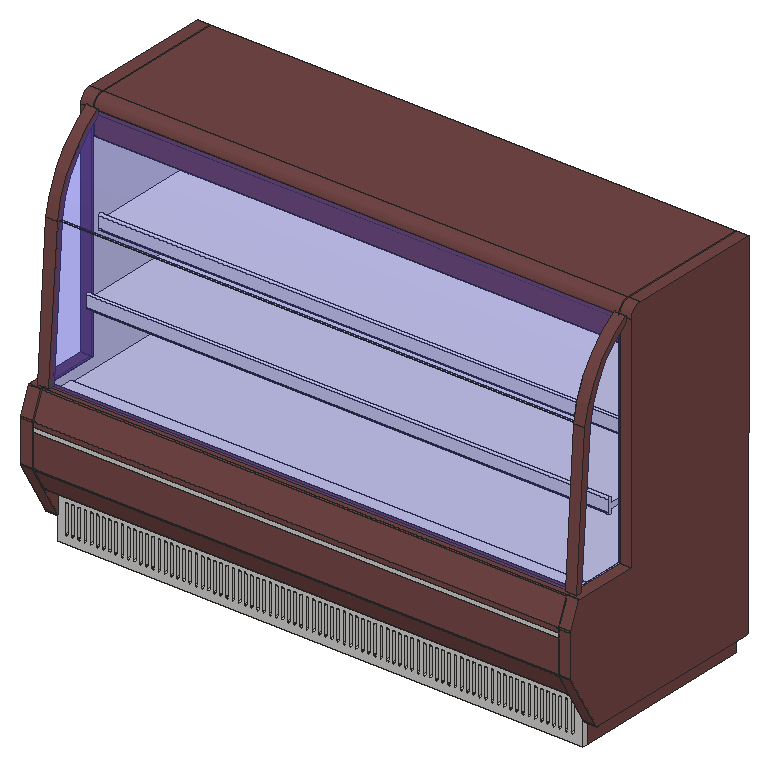
Revit family "QF_Turbo Air_TCDD-72-2-H", category Specialty Equipment, Revit 2014 (continued)
Automatic sketch dimensions
  Extrusion 3 sketch curve to plane 12 "TOP" = 0' - 1 1/2"
  Extrusion 3 sketch curve to Extrusion 3 sketch curve = 0' - 1 1/2"
  plane 16 "Upper Shelf" to Extrusion 3 sketch curve = 0' - 1.32232"
  plane 9 "BACK" to Extrusion 3 sketch curve = 0' - 11.60339"
  plane 16 "Upper Shelf" to Extrusion 3 sketch curve = 0' - 3.13679"
  Extrusion 3 sketch curve to Extrusion 3 sketch curve = 0' - 0.07019"
  Extrusion 3 sketch curve to Extrusion 3 sketch curve = 0' - 0.68933"
  Extrusion 4 sketch curve to Extrusion 4 sketch curve = 0' - 0"  (x2)
  Extrusion 4 sketch curve to plane 10 "Panel Lower" = 0' - 0"
  Extrusion 4 sketch curve to plane 12 "TOP" = 0' - 1 1/2"
  Extrusion 4 sketch curve to Extrusion 4 sketch curve = 0' - 1 1/2"
  plane 16 "Upper Shelf" to Extrusion 4 sketch curve = 0' - 1.32232"
  plane 9 "BACK" to Extrusion 4 sketch curve = 0' - 11.60339"
  plane 16 "Upper Shelf" to Extrusion 4 sketch curve = 0' - 3.13679"
  Extrusion 4 sketch curve to Extrusion 4 sketch curve = 0' - 0.07019"
  Extrusion 4 sketch curve to Extrusion 4 sketch curve = 0' - 0.68933"
  Extrusion 14 sketch curve to Extrusion 14 sketch curve = 0' - 0"  (x2)
  plane 17 "Door Top" to Extrusion 14 sketch curve = 0' - 1.6501"
  Extrusion 14 sketch curve to Extrusion 14 sketch curve = 0' - 1 1/2"
  plane 16 "Upper Shelf" to Extrusion 14 sketch curve = 0' - 1.32232"
  plane 1 "Handle Back" to Extrusion 14 sketch curve = 1' - 0.35339"
  Extrusion 14 sketch curve to Extrusion 14 sketch curve = 0' - 0.0383"
  Extrusion 14 sketch curve to Extrusion 14 sketch curve = 0' - 0.4124"
  plane 10 "Panel Lower" to Extrusion 14 sketch curve = 0' - 0"
  Extrusion 14 sketch curve to Extrusion 14 sketch curve = 0' - 0.376"
  Extrusion 5 sketch curve to plane 10 "Panel Lower" = 0' - 0"
  plane 16 "Upper Shelf" to Extrusion 5 sketch curve = 0' - 1.32232"
  plane 16 "Upper Shelf" to Extrusion 5 sketch curve = 0' - 3.13679"
  plane 17 "Door Top" to Extrusion 5 sketch curve = 0' - 1 1/2"
  Extrusion 6 sketch curve to plane 10 "Panel Lower" = 0' - 0"
  plane 16 "Upper Shelf" to Extrusion 6 sketch curve = 0' - 1.32232"
  plane 16 "Upper Shelf" to Extrusion 6 sketch curve = 0' - 3.13679"
  plane 17 "Door Top" to Extrusion 6 sketch curve = 0' - 1 1/2"
  Extrusion 1 sketch curve to plane 5 "FRONT" = 0' - 0"
  Extrusion 1 sketch curve to plane 10 "Panel Lower" = 0' - 0"
  Extrusion 1 sketch curve to plane 20 "Panel Bottom" = 0' - 0"
  Extrusion 1 sketch curve to plane 12 "TOP" = 0' - 0"
  Extrusion 1 sketch curve to plane 9 "BACK" = 0' - 0"
  Extrusion 1 sketch curve to plane 5 "FRONT" = 0' - 0.03201"
  Extrusion 1 sketch curve to plane 5 "FRONT" = 0' - 0.05024"
  Extrusion 1 sketch curve to Extrusion 1 sketch curve = 0' - 0.32476"
  Extrusion 1 sketch curve to plane 10 "Panel Lower" = 0' - 0.03723"
  Extrusion 1 sketch curve to plane 5 "FRONT" = 0' - 1.42104"
  Extrusion 1 sketch curve to plane 10 "Panel Lower" = 0' - 0 1/16"
  Extrusion 1 sketch curve to plane 12 "TOP" = 0' - 1 1/2"
  plane 9 "BACK" to Extrusion 1 sketch curve = 0' - 0 3/8"
  plane 20 "Panel Bottom" to Extrusion 1 sketch curve = 0' - 0 3/16"
  Extrusion 1 sketch curve to plane 11 "Inside Bottom" = 0' - 1.20658"
  Extrusion 1 sketch curve to Extrusion 1 sketch curve = 0' - 0.1516"
  Extrusion 1 sketch curve to Extrusion 1 sketch curve = 0' - 5.64422"
  Extrusion 2 sketch curve to plane 5 "FRONT" = 0' - 0"
  Extrusion 2 sketch curve to plane 10 "Panel Lower" = 0' - 0"
  Extrusion 2 sketch curve to plane 20 "Panel Bottom" = 0' - 0"
  Extrusion 2 sketch curve to plane 12 "TOP" = 0' - 0"
  Extrusion 2 sketch curve to plane 9 "BACK" = 0' - 0"
  Extrusion 2 sketch curve to plane 5 "FRONT" = 0' - 0.03201"
  Extrusion 2 sketch curve to plane 5 "FRONT" = 0' - 0.05024"
  Extrusion 2 sketch curve to Extrusion 2 sketch curve = 0' - 0.34299"
  Extrusion 2 sketch curve to Extrusion 2 sketch curve = 0' - 0.32476"  (x2)
  Extrusion 2 sketch curve to plane 10 "Panel Lower" = 0' - 0.03723"
  Extrusion 2 sketch curve to plane 5 "FRONT" = 0' - 1.42104"
  Extrusion 2 sketch curve to Extrusion 2 sketch curve = 0' - 0.05717"
  Extrusion 2 sketch curve to plane 12 "TOP" = 0' - 1 1/2"
  plane 9 "BACK" to Extrusion 2 sketch curve = 0' - 0 3/8"
  plane 20 "Panel Bottom" to Extrusion 2 sketch curve = 0' - 0 3/16"
  Extrusion 2 sketch curve to plane 11 "Inside Bottom" = 0' - 6.8508"
  Extrusion 2 sketch curve to plane 11 "Inside Bottom" = 0' - 1.20658"
  Extrusion 15 sketch curve to plane 10 "Panel Lower" = 0' - 0"
  Extrusion 15 sketch curve to Extrusion 15 sketch curve = 0' - 2"
  Extrusion 15 sketch curve to Extrusion 15 sketch curve = 0' - 0.30283"
  Extrusion 15 sketch curve to Extrusion 15 sketch curve = 0' - 0.10825"
  Extrusion 15 sketch curve to plane 10 "Panel Lower" = 0' - 0 3/8"
  Extrusion 15 sketch curve to Extrusion 15 sketch curve = 0' - 1.29074"
  Extrusion 15 sketch curve to Extrusion 15 sketch curve = 0' - 0.16283"
  Extrusion 15 sketch curve to plane 10 "Panel Lower" = 0' - 0.07447"
  Extrusion 15 sketch curve to Extrusion 15 sketch curve = 0' - 0.11433"
  Extrusion 15 sketch curve to Extrusion 15 sketch curve = 0' - 1.02452"
  Extrusion 15 sketch curve to plane 5 "FRONT" = 0' - 0 7/16"  (x2)
  Extrusion 15 sketch curve to plane 5 "FRONT" = 0' - 0 3/16"
  Extrusion 15 sketch curve to plane 5 "FRONT" = 0' - 0.07925"
  Extrusion 15 sketch curve to plane 5 "FRONT" = 0' - 0.07317"
  Extrusion 15 sketch curve to plane 5 "FRONT" = 0' - 0 1/16"  (x2)
  Extrusion 15 sketch curve to plane 11 "Inside Bottom" = 0' - 1.11646"
  Extrusion 15 sketch curve to Extrusion 15 sketch curve = 0' - 0.05053"
  Extrusion 15 sketch curve to Extrusion 15 sketch curve = 0' - 0.05278"
  Extrusion 15 sketch curve to Extrusion 15 sketch curve = 0' - 0.48332"
  Extrusion 15 sketch curve to Extrusion 15 sketch curve = 0' - 0 11/16"
  Extrusion 15 sketch curve to Extrusion 15 sketch curve = 0' - 4.27452"
  Extrusion 15 sketch curve to Extrusion 15 sketch curve = 0' - 0.06699"
  Extrusion 15 sketch curve to Extrusion 15 sketch curve = 0' - 1.36482"
  Extrusion 15 sketch curve to Extrusion 15 sketch curve = 0' - 0 3/8"
  Extrusion 15 sketch curve to Extrusion 15 sketch curve = 0' - 1 3/8"
  Extrusion 15 sketch curve to Extrusion 15 sketch curve = 0' - 0 1/16"
  Extrusion 16 sketch curve to plane 5 "FRONT" = 0' - 0 1/16"
  Extrusion 16 sketch curve to Extrusion 16 sketch curve = 0' - 0 3/8"
  Extrusion 16 sketch curve to plane 11 "Inside Bottom" = 0' - 2.3281"
  Extrusion 16 sketch curve to Extrusion 16 sketch curve = 0' - 0 9/16"
  Extrusion 17 sketch curve to plane 11 "Inside Bottom" = 0' - 0"
  Extrusion 17 sketch curve to plane 10 "Panel Lower" = 0' - 0 3/8"
  Extrusion 17 sketch curve to Extrusion 17 sketch curve = 0' - 1.29074"
  Extrusion 17 sketch curve to plane 5 "FRONT" = 0' - 1.22548"
  Extrusion 17 sketch curve to plane 5 "FRONT" = 0' - 0 7/16"
  Extrusion 17 sketch curve to plane 18 "Door Bottom" = 0' - 0 1/16"
  plane 9 "BACK" to Extrusion 17 sketch curve = 0' - 2 3/8"
  Extrusion 17 sketch curve to plane 11 "Inside Bottom" = 0' - 1.21978"
  Extrusion 17 sketch curve to plane 11 "Inside Bottom" = 0' - 2 15/16"
  Extrusion 17 sketch curve to Extrusion 17 sketch curve = 0' - 3.72762"
  Extrusion 17 sketch curve to Extrusion 17 sketch curve = 0' - 1.36482"
  Extrusion 1 sketch curve to plane 5 "FRONT" = 0' - 4.14175"
  plane 20 "Panel Bottom" to Extrusion 1 sketch curve = 0' - 0 3/8"
  Extrusion 1 sketch curve to Extrusion 1 sketch curve = 0' - 8.52179"
  Extrusion 2 sketch curve to plane 5 "FRONT" = 0' - 4.14175"
  Extrusion 2 sketch curve to Extrusion 2 sketch curve = 0' - 8.52179"
  Extrusion 3 sketch curve to plane 5 "FRONT" = 0' - 11 1/2"
  Extrusion 3 sketch curve to plane 5 "FRONT" = 0' - 4.01686"
  Extrusion 3 sketch curve to Extrusion 3 sketch curve = 0' - 0.68421"
  Extrusion 3 sketch curve to plane 5 "FRONT" = 0' - 2 5/8"
  Extrusion 4 sketch curve to plane 5 "FRONT" = 0' - 11 1/2"
  Extrusion 4 sketch curve to plane 5 "FRONT" = 0' - 4.01686"
  Extrusion 4 sketch curve to Extrusion 4 sketch curve = 0' - 0.68421"
  Extrusion 4 sketch curve to plane 5 "FRONT" = 0' - 2 5/8"
  Extrusion 5 sketch curve to plane 5 "FRONT" = 0' - 2 5/8"
  Extrusion 5 sketch curve to plane 5 "FRONT" = 0' - 4.01686"
  Extrusion 5 sketch curve to Extrusion 5 sketch curve = 0' - 5.98314"
  Extrusion 6 sketch curve to plane 5 "FRONT" = 0' - 2 5/8"
  Extrusion 6 sketch curve to plane 5 "FRONT" = 0' - 4.01686"
  Extrusion 6 sketch curve to Extrusion 6 sketch curve = 0' - 5.98314"
  Extrusion 7 sketch curve to plane 5 "FRONT" = 0' - 11 1/2"
  Extrusion 8 sketch curve to plane 5 "FRONT" = 0' - 4 7/8"
  Extrusion 8 sketch curve to Extrusion 8 sketch curve = 0' - 0 1/4"
  Extrusion 9 sketch curve to plane 5 "FRONT" = 0' - 4 7/8"
  Extrusion 14 sketch curve to plane 5 "FRONT" = 0' - 11 1/2"
  plane 16 "Upper Shelf" to Extrusion 14 sketch curve = 0' - 3.14958"
  Extrusion 14 sketch curve to Extrusion 14 sketch curve = 0' - 0.3732"
  Extrusion 14 sketch curve to plane 5 "FRONT" = 0' - 2.49967"
  Extrusion 15 sketch curve to plane 5 "FRONT" = 0' - 1.22548"
  Extrusion 15 sketch curve to plane 5 "FRONT" = 0' - 1.47292"
  Extrusion 17 sketch curve to plane 5 "FRONT" = 0' - 1.75008"
  Extrusion 17 sketch curve to Extrusion 17 sketch curve = 0' - 3.02452"
  Extrusion 17 sketch curve to Extrusion 17 sketch curve = 0' - 3.08417"
  Extrusion 21 sketch curve to plane 5 "FRONT" = 0' - 11 5/8"
  Extrusion 22 sketch curve to plane 5 "FRONT" = 0' - 11 5/8"
  Extrusion 22 sketch curve to plane 5 "FRONT" = 0' - 3.04083"
  Extrusion 23 sketch curve to plane 5 "FRONT" = 0' - 11 5/8"
  Extrusion 23 sketch curve to plane 5 "FRONT" = 0' - 3.04083"
  Extrusion 24 sketch curve to plane 5 "FRONT" = 0' - 6 3/16"
  Extrusion 25 sketch curve to plane 5 "FRONT" = 0' - 11"
  Extrusion 25 sketch curve to Extrusion 25 sketch curve = 0' - 1 5/8"
  Extrusion 32 sketch curve to plane 5 "FRONT" = 0' - 6 3/16"  (x2)
  Extrusion 10 sketch curve to plane 8 "Inside Right" = 0' - 0"
  plane 20 "Panel Bottom" to Extrusion 10 sketch curve = 0' - 5 7/16"
  curve 11 to plane 7 "Inside Left" = 0' - 0"
  plane 1 "Handle Back" to curve 19 = 0' - 0"
  curve 17 to plane 8 "Inside Right" = 0' - 0"
  curve 16 to plane 8 "Inside Right" = 0' - 0"
  curve 19 to plane 14 "Door Right" = 0' - 1"
  curve 18 to curve 19 = 0' - 0 1/4"
  curve 15 to plane 5 "FRONT" = 0' - 1.93234"
  curve 10 to plane 5 "FRONT" = 0' - 1.93234"
  curve 6 to plane 21 "Bottom Front" = 0' - 5.39978"
  curve 13 to plane 21 "Bottom Front" = 0' - 5.39978"
  curve 13 to curve 24 = 0' - 0.25188"
  plane 21 "Bottom Front" to curve 23 = 0' - 1.10575"
  curve 22 to curve 12 = 0' - 0.07996"
  curve 21 to curve 12 = 0' - 0.07996"
  curve 9 to curve 6 = 0' - 0.07996"
  Extrusion 11 sketch curve to plane 13 "Door Left" = 0' - 0"
  Extrusion 11 sketch curve to plane 19 "CENTER LR" = 0' - 0"
  Extrusion 11 sketch curve to plane 14 "Door Right" = 0' - 0"
  Extrusion 11 sketch curve to plane 13 "Door Left" = 0' - 0 3/16"
  Extrusion 11 sketch curve to Extrusion 11 sketch curve = 0' - 0 7/16"  (x80)
  Extrusion 11 sketch curve to Extrusion 11 sketch curve = 0' - 0 3/16"  (x82)
  plane 6 "Bottom" to Extrusion 11 sketch curve = 0' - 1 1/4"  (x2)
  Extrusion 11 sketch curve to Extrusion 11 sketch curve = 0' - 0"  (x162)
  plane 20 "Panel Bottom" to Extrusion 11 sketch curve = 0' - 2"  (x2)
  radius of Extrusion 32 sketch curve = 0' - 0 9/16"  (x4)
  radius of Extrusion 33 sketch curve = 0' - 0 1/4"
Connectors (in)
  electrical at (19.68427, -4.9375, 6), driven by "Number of Poles", driven by "Volts", driven by "Apparent Power"
    settings: on Extrusion 33, index 1, voltage 115 V, apparent load 1265 VA, apparent load phase1 0 VA, apparent load phase2 0 VA, apparent load phase3 0 VA, power factor 1, load classification "Other", number of poles 1, system type 30, power factor state 1, is connector primary yes, connector utility no, sub classification motor no, connector description "Electric"
